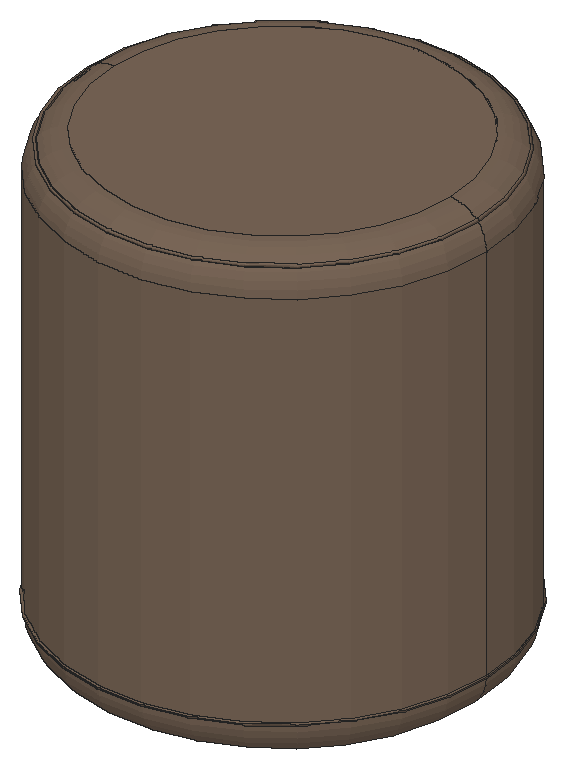
Revit family "Puff MAACH", category Sistemas de mobiliario, Revit 2024
Family settings
  Cota de conector redondo = Usar diámetro
  Tipo de pieza = Normal
  Se basa en plano de trabajo = No
  Activar corte en vistas = No
  Siempre vertical = Sí
  Corte con vacíos al cargar = No
  Compartido = No
  Punto de cálculo de habitación = No
Parameters
  Material = Tela chocolate
  Elevación por defecto = 0 mm
  Costura = Tela chocolate
Reference planes
  plane 1 "Centro (Frontal/Posterior)": y = 0
  plane 2: z = 0
  plane 3 "Centro (Izquierda/Derecha)": x = 0
  plane 4 "Centro I/E": y = 225
  plane 5 "Centro I/F": y = -225
  plane 6 "Centro I/G": x = 225
  plane 7 "Centro I/H": x = -225
  plane 8: z = 499.672
  plane 9: z = 429.672
Forms (mm)
  Sweep 1, void
    path origin (0, 0, 0) x (1, 0, 0) y (0, 1, 0)
      loop
        circle (0, 0) r 225
    profile origin (0, 225, 0) x (0, -1, 0) y (0, 0, 1)
      loop
        line (40, 499.672) -> (0, 499.672) -> (0, 459.672)
        arc (0, 459.672) -> (11.716, 487.957) -> (40, 499.672) r 40
  Extrusion 2, solid, material "Tela chocolate" <- "Material"
    sketch origin (0, 0, -135) x (1, 0, 0) y (0, 1, 0)
      loop
        circle (0, 0) r 225
    from 135 to 634.672
  Sweep 3, void
    path origin (0, 0, 499.345) x (0, -1, 0) y (1, 0, 0)
      loop
        circle (0, 0) r 225
    profile origin (0, 225, 499.345) x (0, -1, 0) y (0, 0, 1)
      loop
        arc (40, -499.672) -> (11.716, -487.957) -> (0, -459.672) r 40
        line (0, -459.672) -> (0, -499.672) -> (40, -499.672)
  Sweep 4, solid, material "Tela chocolate" <- "Costura"
    path origin (0, 0, 0) x (1, 0, 0) y (0, 1, 0)
      loop
        circle (0, 0) r 225
    profile origin (0, 225, 0) x (0, -1, 0) y (0, 0, 1)
      loop
        circle (10.78, 486.849) r 1.539
      loop
        circle (0, 40.431) r 1.539
Cuts and joins
  Sweep 1, Sweep 3 cuts Extrusion 2
Dimensions and locks
  plane 7 "Centro I/H" to plane 6 "Centro I/G" = 450 mm
  plane 5 "Centro I/F" to plane 4 "Centro I/E" = 450 mm
  plane 8 to level = 499.672 mm
  aligned and locked: level to plane 2
